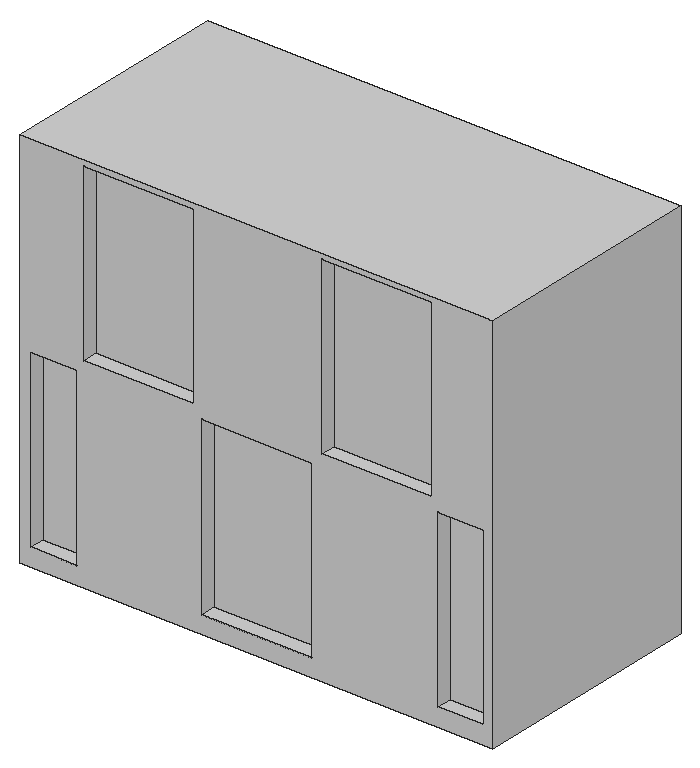
Revit family "SA 5H4W", category Mechanical Equipment, Revit 2019
Family settings
  Round Connector Dimension = Use Diameter
  Part Type = Normal
  OmniClass Number = 23.75.00.00
  OmniClass Title = Climate Control (HVAC)
  Work Plane-Based = No
  Always vertical = Yes
  Cut with Voids When Loaded = No
  Shared = No
  Room Calculation Point = No
Parameters (values of type "5H4W SA")
  Width = 5' - 4 1/2"
  Weight (lbs.) = "1863"
  URL = "www.renewaire.com"
  Model = "5H4W SA"
  Manufacturer = "Renewaire LLC"
  Length = 10' - 10 1/4"
  Housing = Metal - RenewAire - Anodized - Gray Text
  Height = 8' - 9 3/8"
  Description = "Energy Recovery Ventilator"
  Cores (L125-G5) = "20"
  Airflow Range (CFM) = "5,000-22,000"
Reference planes (in)
  plane 1 "Center (Front/Back)": y = 0
  plane 2: z = 0
  plane 3 "Center (Left/Right)": x = 0
Forms (in)
  Extrusion 1, solid, material "Metal - RenewAire - Anodized - Gray Text" <- "Housing"
    sketch origin (0, -16.07731, 0) x (0, 1, 0) y (0, 0, 1)
      loop
        line (32.26413, 125.25) -> (-32.26413, 125.25) -> (-32.26413, 19.875) -> (32.26413, 19.875) -> (32.26413, 125.25)
    from 0 to 130.25
  Extrusion 2, void
    sketch origin (0.62375, -14.11828, 19.48574) x (1, 0, 0) y (0, 0, 1)
      loop
        line (2.375, 53.375) -> (2.375, 5.25) -> (15.17072, 5.25) -> (15.17072, 53.375) -> (2.375, 53.375)
      loop
        line (49.50854, 53.375) -> (49.50854, 5.25) -> (79.83716, 5.25) -> (79.83716, 53.375) -> (49.50854, 53.375)
      loop
        line (47.32983, 104.5) -> (17.00122, 104.5) -> (17.00122, 56.375) -> (47.32983, 56.375) -> (47.32983, 104.5)
      loop
        line (82.52479, 104.5) -> (82.52479, 56.375) -> (112.77479, 56.375) -> (112.77479, 104.5) -> (82.52479, 104.5)
      loop
        line (114.375, 53.375) -> (114.375, 5.25) -> (127.17072, 5.25) -> (127.17072, 53.375) -> (114.375, 53.375)
    from 30 to 38.22316
  Extrusion 3, void
    sketch origin (1.03232, 49.88172, -1.14653) x (1, 0, 0) y (0, 0, 1)
      loop
        line (1.96643, 74.00727) -> (1.96643, 25.88013) -> (14.76215, 25.88013) -> (14.76215, 74.00727) -> (1.96643, 74.00727)
      loop
        line (49.09998, 74.00727) -> (49.09998, 25.88013) -> (79.42859, 25.88013) -> (79.42859, 74.00727) -> (49.09998, 74.00727)
      loop
        line (46.92126, 125.13227) -> (16.59265, 125.13227) -> (16.59265, 77.00727) -> (46.92126, 77.00727) -> (46.92126, 125.13227)
      loop
        line (82.11622, 125.13227) -> (82.11622, 77.00727) -> (112.36622, 77.00727) -> (112.36622, 125.13227) -> (82.11622, 125.13227)
      loop
        line (126.76215, 74.00727) -> (113.96643, 74.00727) -> (113.96643, 25.88227) -> (126.76215, 25.88227) -> (126.76215, 74.00727)
    from 30 to 38.22316
Cuts and joins
  Extrusion 2, Extrusion 3 cuts Extrusion 1
Dimensions and locks (in)
  aligned and locked: level to plane 2
